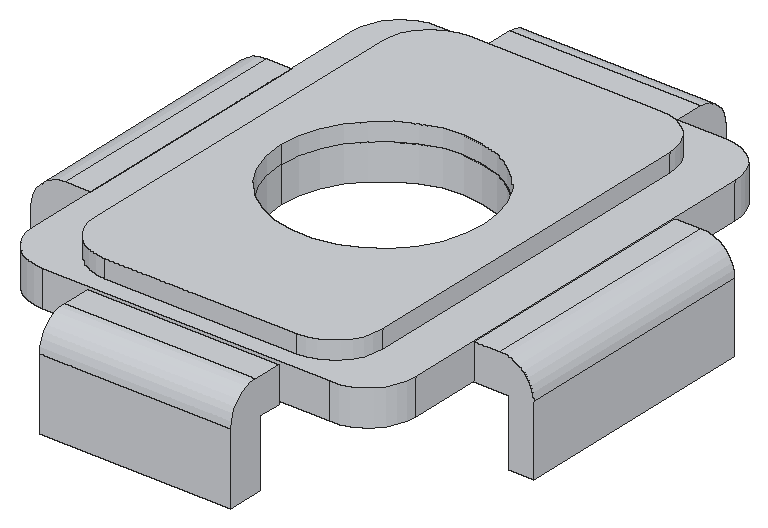
Revit family "Kombiprofilhalter", category HLS-Bauteile, Revit 2018
Family settings
  Bemaßung runder Anschluss = Durchmesser verwenden
  Teiletyp = Normal
  Arbeitsebenenbasiert = Ja
  Immer vertikal = Nein
  Beim Laden mit Abzugskörper schneiden = Nein
  Gemeinsam genutzt = Ja
  Raumberechnungspunkt = Nein
Parameters (values of type "Kombiprofilhalter 17")
  vpe = "100 St"
  max. zul. Last = 4.70 kN
  Default Elevation = 1219.2 mm
  Stärke Material = 3 mm
  Regelhalter [instance] = ""
  Profiltyp = "35, 45, Stex 35"
  Oberflaeche = "galvanisch verzinkt"
  Mengeneinheit = "St"
  Materialname = "S235"
  Material = "Stahl"
  Länge Innen = ""
  Länge = 52 mm
  Lochdurchmesser = "17 mm"
  Lochabstand = ""
  Langloch = ""
  Kurztext2 = "Bohrung 17 mm für Gewinde M16"
  Kurztext1 = "Kombiprofilhalter"
  Höhe = "10.1 mm"
  Gewicht pro Bauteil = Gewicht  # 0.0457 kg
  Gewicht = 0.0457 kg
  Firma = "MEFA Befestigungs- und Montagesysteme GmbH"
  Fabrikat = "MEFA"
  EAN = "4250928420299"
  D = 17 mm
  Breite Material = ""
  Artikelnummer = "08163365"
  Anschlusslochung = ""
Types (4, lengths in mm): name | Lochdurchmesser | Kurztext2 | Gewicht pro Bauteil | Gewicht | EAN | D | Artikelnummer
  (no name) | "17 mm" | "Bohrung 17 mm für Gewinde M16" | 0.0457 kg | 0.0457 kg | "4250928420299" | 17 | "08163365"
  Kombiprofilhalter 11 | "11 mm" | "Bohrung 11 mm für Gewinde M10" | 0.0489 kg | 0.0489 kg | "4250928419330" | 11 | "08095035"
  Kombiprofilhalter 13 | "13 mm" | "Bohrung 13 mm für Gewinde M12" | 0.0469 kg | 0.0469 kg | "4250928420282" | 13 | "08162945"
  Kombiprofilhalter 17 | "17 mm" | "Bohrung 17 mm für Gewinde M16" | 0.0457 kg | 0.0457 kg | "4250928420299" | 17 | "08163365"
Reference planes
  plane 1 "Mitte (Vorne/hinten)": y = 0
  plane 2: z = 0
  plane 3 "Mitte (Links/rechts)": x = 0
  plane 4: x = -16
  plane 5: x = 16
  plane 6: y = 20.5
  plane 7: y = -20.5
  plane 8: y = 19
  plane 9: y = -19
  plane 10: x = -12
  plane 11: x = 12
  plane 12: z = -5.6
Forms (mm)
  Extrusion 1, solid
    sketch origin (0, 0, 0) x (1, 0, 0) y (0, 1, 0)
      loop
        arc (-12, 20.845) -> (-14.828, 19.674) -> (-16, 16.845) r 4
        line (-16, 16.845) -> (-16, -16.5)
        arc (-16, -16.5) -> (-14.828, -19.328) -> (-12, -20.5) r 4
        line (-12, -20.5) -> (12, -20.5)
        arc (12, -20.5) -> (14.828, -19.328) -> (16, -16.5) r 4
        line (16, -16.5) -> (16, 16.845)
        arc (16, 16.845) -> (14.828, 19.674) -> (12, 20.845) r 4
        line (12, 20.845) -> (-12, 20.845)
    from 0 to 3
  Extrusion 2, solid
    sketch origin (0, 0, 0) x (1, 0, 0) y (0, 1, 0)
      loop
        arc (-8, 19) -> (-10.828, 17.828) -> (-12, 15) r 4
        line (-12, 15) -> (-12, -15)
        arc (-12, -15) -> (-10.828, -17.828) -> (-8, -19) r 4
        line (-8, -19) -> (8, -19)
        arc (8, -19) -> (10.828, -17.828) -> (12, -15) r 4
        line (12, -15) -> (12, 15)
        arc (12, 15) -> (10.828, 17.828) -> (8, 19) r 4
        line (8, 19) -> (-8, 19)
    from 3 to 4.5
  Extrusion 3, solid
    sketch origin (0, 0, 0) x (1, 0, 0) y (0, 0, 1)
      loop
        line (16, 3) -> (16, 0) -> (18.961, 0) -> (18.961, -5.6) -> (21, -5.6) -> (21, 0.239)
        arc (21, 0.239) -> (20.191, 2.191) -> (18.239, 3) r 2.761
        line (18.239, 3) -> (16, 3)
      loop
        line (-16, 3) -> (-18.084, 3)
        arc (-18.084, 3) -> (-20.146, 2.146) -> (-21, 0.084) r 2.916
        line (-21, 0.084) -> (-21, -5.6) -> (-18.961, -5.6) -> (-18.961, 0) -> (-16, 0) -> (-16, 3)
    from -10.5 to 10.5
  Extrusion 4, solid
    sketch origin (0, 0, 0) x (0, 1, 0) y (0, 0, 1)
      loop
        line (20.845, 3) -> (20.845, 0) -> (22.833, 0) -> (22.833, -5.6) -> (25.845, -5.6) -> (25.845, 0.413)
        arc (25.845, 0.413) -> (25.088, 2.242) -> (23.258, 3) r 2.587
        line (23.258, 3) -> (20.845, 3)
      loop
        line (-20.845, 3) -> (-23.258, 3)
        arc (-23.258, 3) -> (-25.088, 2.242) -> (-25.845, 0.413) r 2.587
        line (-25.845, 0.413) -> (-25.845, -5.6) -> (-22.833, -5.6) -> (-22.833, 0) -> (-20.845, 0) -> (-20.845, 3)
    from -8 to 8
  Extrusion 5, void
    sketch origin (0, 0, 0) x (1, 0, 0) y (0, 1, 0)
      loop
        circle (0, 0) r 8.5
    from -10.5 to 10.5
Cuts and joins
  Extrusion 5 cuts Extrusion 1
  Extrusion 5 cuts Extrusion 2
Lines and regions (mm)
  model lines, not visible
    curve 1: line (0, 0, 18.146) -> (0, 0, -18.51)
    curve 2: line (9.913, 0, 4.5) -> (-10.087, 0, 4.5)
    curve 3: line (0, 10.308, 4.5) -> (0, -9.692, 4.5)
Dimensions and locks
  "D": diameter of Extrusion 5 sketch curve
  aligned and locked: level to plane 2
  aligned and locked: plane 3 "Mitte (Links/rechts)" to curve 1
  aligned and locked: curve 2 to cut or joined group of Extrusion 2, Extrusion 5
  aligned and locked: curve 3 to cut or joined group of Extrusion 2, Extrusion 5
Automatic sketch dimensions
  Extrusion 1 sketch curve to plane 4 = 0 mm
  plane 7 to Extrusion 1 sketch curve = 0 mm
  Extrusion 1 sketch curve to plane 10 = 0 mm  (x2)
  Extrusion 1 sketch curve to plane 11 = 0 mm  (x2)
  Extrusion 1 sketch curve to plane 5 = 0 mm
  Extrusion 1 sketch curve to plane 8 = 2.155 mm
  Extrusion 2 sketch curve to plane 10 = 0 mm
  plane 9 to Extrusion 2 sketch curve = 0 mm
  Extrusion 2 sketch curve to plane 8 = 0 mm
  Extrusion 2 sketch curve to plane 11 = 0 mm
  plane 10 to Extrusion 2 sketch curve = 4 mm
  Extrusion 2 sketch curve to Extrusion 2 sketch curve = 4 mm
  plane 11 to Extrusion 2 sketch curve = 4 mm
  Extrusion 2 sketch curve to plane 8 = 4 mm
  Extrusion 3 sketch curve to plane 12 = 0 mm  (x2)
  Extrusion 3 sketch curve to level = 0 mm  (x2)
  Extrusion 3 sketch curve to plane 4 = 0 mm
  plane 5 to Extrusion 3 sketch curve = 0 mm
  Extrusion 3 sketch curve to plane 4 = 2.084 mm
  Extrusion 3 sketch curve to plane 4 = 2.961 mm
  level to Extrusion 3 sketch curve = 0.084 mm
  Extrusion 3 sketch curve to Extrusion 3 sketch curve = 2.039 mm  (x2)
  Extrusion 3 sketch curve to plane 5 = 2.239 mm
  Extrusion 3 sketch curve to Extrusion 3 sketch curve = 0.722 mm
  level to Extrusion 3 sketch curve = 0.239 mm
  Extrusion 4 sketch curve to plane 12 = 0 mm  (x2)
  Extrusion 4 sketch curve to level = 0 mm  (x2)
  plane 7 to Extrusion 4 sketch curve = 5.345 mm
  level to Extrusion 4 sketch curve = 0.413 mm  (x2)
  Extrusion 4 sketch curve to Extrusion 4 sketch curve = 2.587 mm  (x2)
  plane 7 to Extrusion 4 sketch curve = 2.333 mm
  plane 7 to Extrusion 4 sketch curve = 0.345 mm
  plane 6 to Extrusion 4 sketch curve = 0.345 mm
  plane 6 to Extrusion 4 sketch curve = 2.333 mm
  Extrusion 4 sketch curve to Extrusion 4 sketch curve = 2.413 mm
  curve 1 to plane 12 = 12.91 mm
  plane 10 to curve 2 = 1.913 mm
  plane 11 to curve 2 = 2.087 mm
  curve 2 to curve 1 = 13.646 mm
  plane 1 "Mitte (Vorne/hinten)" to curve 3 = 9.692 mm
  curve 3 to plane 1 "Mitte (Vorne/hinten)" = 10.308 mm
  plane 1 "Mitte (Vorne/hinten)" to Extrusion 5 sketch curve = 0 mm
  Extrusion 5 sketch curve to plane 3 "Mitte (Links/rechts)" = 0 mm
